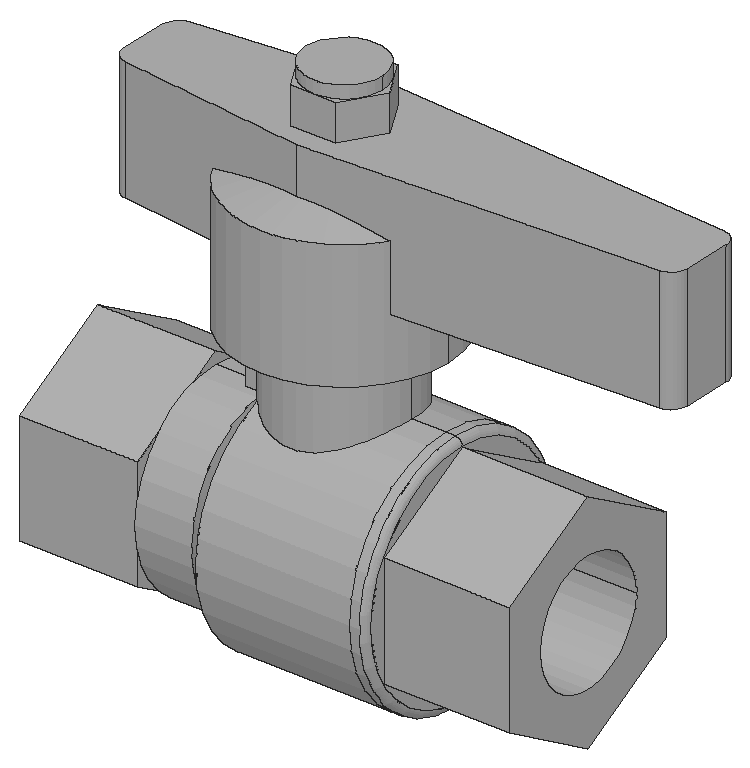
Revit family "QA00980000", category Apparecchi idraulici, Revit 2020
Family settings
  Quota connettore circolare = Usa diametro
  Tipo di parte = Normale
  Numero OmniClass = 23.45.00.00
  Titolo OmniClass = Sanitary, Laundry, and Cleaning Equipment
  Basato su piano di lavoro = No
  Sempre verticale = Sì
  Taglio con vuoti quando caricato = No
  Condiviso = No
  Punto di calcolo locali = No
Parameters
  URL = "https://web.cimberio.com/index.php/figura/102?subcategoria_id=64"
  Temperatura di esercizio = "-20 ÷ 150°C"
  Prospetto di default = 0 mm
  Produttore = "CIMBERIO SPA"
  Pressione nominale = "PN 80 (1/2\"); PN 50 (3/4\" ÷ 1\"); PN 40 (1\"1/4); PN 32 (1\"1/2 ÷ 2\")"
  Modello = "Cim 12OT"
  Materiale = "Prodotto in lega di ottone conforme alla norma EN 12165-CW617N-DW"
  Descrizione = "Realizzato in ottemperanza ai requisiti gestionali della norma EN ISO 9001.\r\nUtilizzato per la regolazione della temperatura degli ambienti e comandare apparecchi degli impianti di riscaldamento e condizionamento."
  DN Model [instance] = QA00981015 : QA00981015
  DN [instance] = 15 mm
  Commenti sul tipo = "Utilizzato nei più svariati settori dell'impiantistica: impianti di riscaldamento, condizionamento, idrici, igienico-sanitari, aria compressa, reti di distribuzione oli, benzine, vapore saturo e in generale con ogni fluido non corrosivo"
Reference planes
  plane 1 "Centro (Fronte/Retro)": y = 0
  plane 2: z = 0
  plane 3 "Centro (Sinistra/Destra)": x = 0
Dimensions and locks
  aligned and locked: level to plane 2
Nested families
  nested 1: "QA00981015" at (0, 0, 0), type <- "DN Model", type "QA00981015"
  nested 2: "QA00981015" at (0, 0, 0), type <- "DN Model", type "QA00981015"
  nested 3: "QA00981015" at (0, 0, 0), type <- "DN Model", type "QA00981015"
  nested 4: "QA00981015" at (0, 0, 0), type <- "DN Model", type "QA00981015"
  nested 5: "QA00981015" at (0, 0, 0), type <- "DN Model", type "QA00981015"
  nested 6: "QA00981015" at (0, 0, 0), type <- "DN Model", type "QA00981015"
Connectors
  piping at (30.3, 0, 0), diameter 15, driven by "DN"
    settings: on nested 1, index 1, connector inside diameter 609.6 mm, connector length 0 mm, flow factor 0, pipe flow 0.0 L/s, pressure drop 0.0 Pa, fitting loss kfactor 0, connector angle 0.00°, fixture units 0, engagement length 0 mm, angle of deflection 0.00°, flow configuration 0, flow direction 0, fitting loss method 0, system type 7, joint type 0, gender type 0, connector reference index -1, connector utility 0, adjustable connector no, is connector primary yes, connector description ""
  piping at (-30.6, 0, 0), diameter 15, driven by "DN"
    settings: on nested 1, index 2, connector inside diameter 609.6 mm, connector length 0 mm, flow factor 0, pipe flow 0.0 L/s, pressure drop 0.0 Pa, fitting loss kfactor 0, connector angle 0.00°, fixture units 0, engagement length 0 mm, angle of deflection 0.00°, flow configuration 0, flow direction 0, fitting loss method 0, system type 7, joint type 0, gender type 0, connector reference index -1, connector utility 0, adjustable connector no, is connector primary no, connector description ""
Definition of nested family "QA00981015"
  Parameters (values of type "QA00981015")
    Default Elevation = 0 mm
  Reference planes
    plane 1 "Centro (Fronte/Retro)": y = 0
    plane 2: z = 0
    plane 3 "Centro (Sinistra/Destra)": x = 0
  Forms (mm)
    Revolve 1, solid
      sketch origin (0, 0, 0) x (1, 0, 0) y (0, 0, 1)
        loop
          line (-16, -12.545) -> (-8.955, -12.545) -> (-6.455, -15.045) -> (12.6, -15.045) -> (13.91, -15.045)
          arc (13.91, -15.045) -> (14.382, -14.662) -> (14.6, -14.095) r 1.176
          line (14.6, -14.095) -> (14.6, -7.5) -> (-16, -7.5) -> (-16, -12.545)
        axis (-16, 0) -> (14.6, 0)
      angle from 0 to 360
    Extrusion 2, solid
      sketch origin (-16, 0, 0) x (0, 0, 1) y (0, 1, 0)
        loop
          circle (0, 0) r 7.5
        loop
          line (-14, 0) -> (-7, -12.124) -> (7, -12.124) -> (14, 0) -> (7, 12.124) -> (-7, 12.124) -> (-14, 0)
      from 0 to 14.6
    Extrusion 3, solid
      sketch origin (16, 0, 0) x (0, 0, 1) y (0, -1, 0)
        loop
          circle (0, 0) r 7.5
        loop
          line (-14, 0) -> (-7, -12.124) -> (7, -12.124) -> (14, 0) -> (7, 12.124) -> (-7, 12.124) -> (-14, 0)
      from -1.4 to 14.3
    Extrusion 4, solid
      sketch origin (0, 0, 28.55) x (1, 0, 0) y (0, 1, 0)
        loop
          circle (0, 0) r 8.45
        loop
          circle (0, 0) r 6.348
      from -20.832 to 5.337
    Revolve 5, solid
      sketch origin (0, 0, 0) x (1, 0, 0) y (0, 0, 1)
        loop
          line (-13, 38.707) -> (-13, 22.845) -> (-8.92, 22.845) -> (-8.92, 33.247) -> (0, 33.247) -> (0, 40.8)
          arc (0, 40.8) -> (-6.59, 40.314) -> (-13, 38.707) r 38.42
        axis (0, 40.8) -> (0, 22.845)
      angle from 0 to 360
    Extrusion 6, void
      sketch origin (0, 0, 28.55) x (1, 0, 0) y (0, 1, 0)
        loop
          line (-8.682, 0) -> (-12.25, 0)
          arc (-12.25, 0) -> (-8.662, -8.662) -> (0, -12.25) r 12.25
          line (0, -12.25) -> (0, -7.437)
          arc (0, -7.437) -> (-5.627, -5.22) -> (-8.682, 0) r 9.25
      from -7.705 to 0.295
    Extrusion 7, solid
      sketch origin (0, 0, 0) x (1, 0, 0) y (0, 0, 1)
        loop
          line (-13, 26.345) -> (-13, 21.045) -> (-11, 19.89) -> (-11, 11.799) -> (-6.613, 11.799) -> (-6.613, 26.345) -> (-13, 26.345)
      from 0 to 1.497
    Extrusion 8, solid
      sketch origin (0, 0, 45.845) x (0, 1, 0) y (-1, 0, 0)
        loop
          line (0, 5.6) -> (-4.85, 2.8) -> (-4.85, -2.8) -> (0, -5.6) -> (4.85, -2.8) -> (4.85, 2.8) -> (0, 5.6)
      from 0 to 4.5
    Extrusion 9, solid
      sketch origin (0, 0, 50.345) x (0, 1, 0) y (-1, 0, 0)
        loop
          circle (0, 0) r 4.75
      from 0 to 1.5
    Extrusion 10, solid
      sketch origin (0, 0, 50.345) x (0, 1, 0) y (-1, 0, 0)
        loop
          line (7.567, 0) -> (5.067, 23.214)
          arc (5.067, 23.214) -> (4.415, 24.488) -> (3.078, 25) r 2
          line (3.078, 25) -> (-2.945, 25)
          arc (-2.945, 25) -> (-4.281, 24.488) -> (-4.933, 23.214) r 2
          line (-4.933, 23.214) -> (-7.433, 0) -> (-4.933, -43.116)
          arc (-4.933, -43.116) -> (-4.309, -44.455) -> (-2.936, -45) r 2
          line (-2.936, -45) -> (3.07, -45)
          arc (3.07, -45) -> (4.443, -44.455) -> (5.067, -43.116) r 2
          line (5.067, -43.116) -> (7.567, 0)
      from -19.745 to -4.5
  Cuts and joins
    Extrusion 6 cuts Revolve 5
    joined: Revolve 1, Extrusion 4, Extrusion 7
  Dimensions and locks
    aligned and locked: level to plane 2
